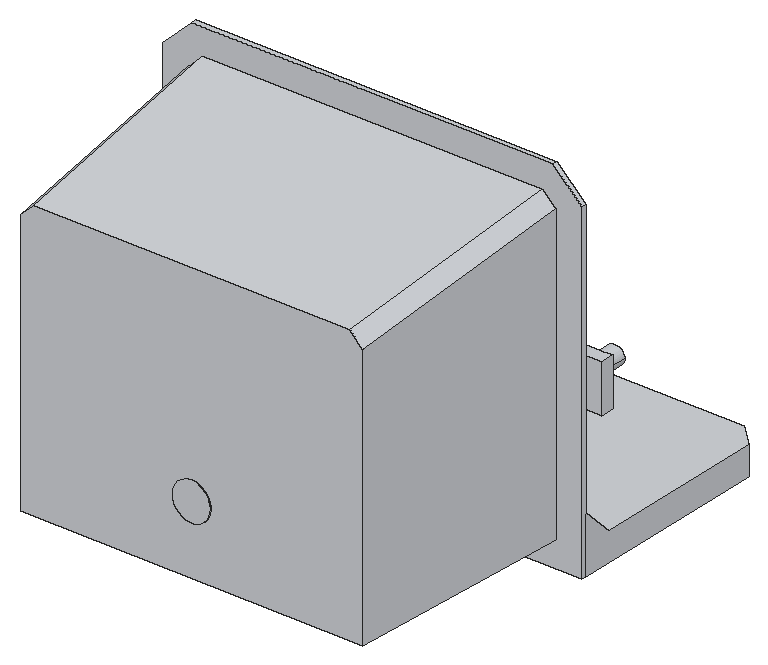
Revit family "30651e3e441a4e838bdfaf5274c5f741", category Plumbing Fixtures, host Face, Revit 2021
Family settings
  Host = Face
  Round Connector Dimension = Use Radius
  Part Type = Normal
  OmniClass Number = 23.45.05.14.14.27
  OmniClass Title = Service Sinks
  Seek Item ID = Sink - Service-0000-USA-ENU
  Cut with Voids When Loaded = No
  Shared = No
  Room Calculation Point = No
Parameters (values of type "22"x19" - Public")
  WFU = 2
  Sink Width = 1' - 7"
  Sink Material = none
  Sink Length = 1' - 10"
  Sink Depth = 1' - 0"
  Sanitary Radius = 3/4"
  Sanitary Diameter = 2 * Sanitary Radius  # 1 1/2"
  Hot Water Radius = 1/4"
  Hot Water Diameter = 2 * Hot Water Radius  # 1/2"
  Half Sink Length = 1 / 2 * Sink Length  # 0' - 11"
  HWFU = 2.25
  Flow Pressure [instance] = 8.00 psi
  Faucet Material = none
  Faucet Height = 0' - 8 7/8"
  Default Elevation = 2' - 10"
  Cold Water Radius = 1/4"
  Cold Water Diameter = 2 * Cold Water Radius  # 1/2"
  CWFU = 2.25
Types (3): name | Sink Width | Sink Length | Sink Depth | Half Sink Length | Faucet Height
  (no name) | 1' - 7" | 1' - 10" | 1' - 0" | 0' - 11" | 0' - 8 7/8"
  22"x19" - Public | 1' - 7" | 1' - 10" | 1' - 0" | 0' - 11" | 0' - 8 7/8"
  30"x24" - Public | 2' - 0" | 2' - 6" | 1' - 4" | 1' - 3" | 0' - 10"
Reference planes (in)
  plane 1 "Center (Front/Back)": y = 0
  plane 2: z = 0
  plane 3 "Center (Left/Right)": x = 0
  plane 4: x = -11
  plane 5: x = 11
  plane 6: z = 19
  plane 7: z = 1.5
  plane 8: x = 9.5
  plane 9: z = 17.5
  plane 10: x = -9.5
  plane 11: y = -0.25
  plane 12: y = -12
  plane 13: y = -12.125
  plane 14: x = -9.625
  plane 15: z = 17.625
  plane 16: x = 9.625
  plane 17: z = 1.375
  plane 18: x = -9
  plane 19: z = 16
  plane 20: x = 9
  plane 21: z = 15.3125
  plane 22: x = -8.3125
  plane 23: x = 8.3125
  plane 24: z = 15.3125
  plane 25: x = -8.875
  plane 26: z = 15.875
  plane 27: x = 8.875
  plane 28: z = 5
  plane 29: y = 11.8125
  plane 30: x = -9.875
  plane 31: y = 10.6875
  plane 32: x = 9.875
  plane 33: z = 3
  plane 34: y = 1.5
  plane 35: y = 8.875
  plane 36: y = 9.625
  plane 37: y = 10.375
  plane 38: x = -4.75
  plane 39: x = 4.75
  plane 40: x = -3.75
  plane 41: x = 3.75
  plane 42: z = 4
  plane 43: z = 8
  plane 44: x = -0.5
  plane 45: x = 0.5
  plane 46: z = 3.5
  plane 47: x = -4.25
  plane 48: x = 4.25
  plane 49: z = 7.5
Forms (in)
  Extrusion 1, solid, material <- "Sink Material"
    sketch origin (0, 0, 0) x (1, 0, 0) y (0, 0, 1)
      loop
        line (-9.5, 19) -> (-11, 17.5) -> (-11, 0) -> (11, 0) -> (11, 17.5) -> (9.5, 19) -> (-9.5, 19)
      loop
        line (-8.87868, 17.5) -> (-9.5, 16.87868) -> (-9.5, 1.5) -> (9.5, 1.5) -> (9.5, 16.87868) -> (8.87868, 17.5) -> (-8.87868, 17.5)
    from 0 to 0.25
  Blend 2, solid, material <- "Sink Material"
    base sketch origin (0, 0, 0) x (1, 0, 0) y (0, 0, 1)
      loop
        line (-8.3125, 16) -> (-9, 15.3125) -> (-9, 1.375) -> (9, 1.375) -> (9, 15.3125) -> (8.3125, 16) -> (-8.3125, 16)
    top sketch origin (0, 0, 0) x (1, 0, 0) y (0, 0, 1)
      loop
        line (-8.93046, 17.625) -> (-9.625, 16.93046) -> (-9.625, 1.375) -> (9.625, 1.375) -> (9.625, 16.93046) -> (8.93046, 17.625) -> (-8.93046, 17.625)
    from 12.125 to 0.25
  Blend 3, void
    base sketch origin (0, 0, 0) x (1, 0, 0) y (0, 0, 1)
      loop
        line (-8.3125, 15.875) -> (-8.875, 15.3125) -> (-8.875, 1.5) -> (8.875, 1.5) -> (8.875, 15.3125) -> (8.3125, 15.875) -> (-8.3125, 15.875)
    top sketch origin (0, 0, 0) x (1, 0, 0) y (0, 0, 1)
      loop
        line (-8.87868, 17.5) -> (-9.5, 16.87868) -> (-9.5, 1.5) -> (9.5, 1.5) -> (9.5, 16.87868) -> (8.87868, 17.5) -> (-8.87868, 17.5)
    from 12 to 0.25
  Extrusion 4, solid, material <- "Sink Material"
    sketch origin (0, 0, 0) x (1, 0, 0) y (0, 0, 1)
      loop
        circle (0, 5) r 1
    from 12 to 12.125
  Extrusion 5, solid, material <- "Sink Material"
    sketch origin (0, 0, 0) x (1, 0, 0) y (0, 1, 0)
      loop
        line (-9.875, 11.8125) -> (-11, 10.6875) -> (-11, 0) -> (11, 0) -> (11, 10.6875) -> (9.875, 11.8125) -> (-9.875, 11.8125)
    from 0 to 1.5
  Extrusion 6, solid, material <- "Sink Material"
    sketch origin (0, 0, 0) x (0, 1, 0) y (0, 0, 1)
      loop
        line (0, 3) -> (0, 1.5) -> (1.5, 1.5) -> (0, 3)
    from 9.5 to 11
  Extrusion 7, solid, material <- "Sink Material"
    sketch origin (0, 0, 0) x (0, 1, 0) y (0, 0, 1)
      loop
        line (0, 3) -> (0, 1.5) -> (1.5, 1.5) -> (0, 3)
    from -11 to -9.5
  Extrusion 8, solid, material <- "Faucet Material", detail levels fine
    sketch origin (0, 0, 0) x (1, 0, 0) y (0, 0, 1)
      loop
        line (-4.75, 4) -> (-4.75, 1.5) -> (-3.75, 1.5) -> (-3.75, 3) -> (3.75, 3) -> (3.75, 1.5) -> (4.75, 1.5) -> (4.75, 4) -> (-4.75, 4)
    from -9.625 to -8.875
  Extrusion 9, solid, material <- "Faucet Material", detail levels fine
    sketch origin (0, 0, 0) x (1, 0, 0) y (0, 0, 1)
      loop
        line (-0.5, 8) -> (-0.5, 3) -> (0.5, 3) -> (0.5, 8) -> (-0.5, 8)
    from -10.375 to -9.625
  Extrusion 10, solid, material <- "Faucet Material", detail levels fine
    sketch origin (0, 0, 0) x (1, 0, 0) y (0, 0, 1)
      loop
        circle (-4.25, 3.5) r 0.5
    from -10.375 to -9.625
  Extrusion 11, solid, material <- "Faucet Material", detail levels fine
    sketch origin (0, 0, 0) x (1, 0, 0) y (0, 0, 1)
      loop
        circle (4.25, 3.5) r 0.5
    from -10.375 to -9.625
  Extrusion 12, solid, material <- "Faucet Material", detail levels fine
    sketch origin (0, 0, 0) x (1, 0, 0) y (0, 0, 1)
      loop
        circle (0, 7.5) r 0.5
    from -9.625 to -8.875
  Extrusion 13, solid, material <- "Sink Material"
    sketch origin (0, 0, 0) x (1, 0, 0) y (0, 1, 0)
      loop
        circle (-4.25, 8.875) r 0.5
      loop
        circle (4.25, 8.875) r 0.5
    from 0 to 1.5
Cuts and joins
  Blend 3 cuts Blend 2
  joined: Extrusion 1, Blend 2
  joined: Extrusion 8, Extrusion 9, Extrusion 10, Extrusion 11, Extrusion 12
  joined: Extrusion 5, Extrusion 6, Extrusion 7, Extrusion 13
Lines and regions (in)
  reference lines
    curve 1: line (-11, 0, 17.5) -> (-6.22703, 0, 22.27297)
    curve 2: line (-5.16637, 0, 21.21231) -> (-13.12132, 0, 13.25736)
    curve 3: line (11, 0, 17.5) -> (5.51992, 0, 22.98008)
    curve 4: line (12.25781, 0, 14.12087) -> (3.2422, 0, 23.13648)
    curve 5: line (-6.91146, 0, 19.644) -> (-10.44699, 0, 16.10846)
    curve 6: line (11.6782, 0, 14.87725) -> (5.84457, 0, 20.71088)
Dimensions and locks (in)
  "Sink Width": plane 6 to plane 2
  locked: plane 7 to plane 2 at 1.5
  locked: plane 5 to plane 8 at 1.5
  locked: plane 10 to plane 4 at 1.5
  locked: plane 6 to plane 9 at 1.5
  locked: plane 1 "Center (Front/Back)" to plane 11 at 0.25
  "Sink Depth": plane 12 to plane 1 "Center (Front/Back)"
  locked: plane 12 to plane 13 at 0.125
  equal spacing: plane 5, plane 3 "Center (Left/Right)", plane 4
  "Half Sink Length": plane 3 "Center (Left/Right)" to plane 4
  locked: curve 2 to curve 1 at 1.5
  curve 3 to curve 4 = 0' - 1 1/2"
  locked: plane 15 to plane 9 at 0.125
  locked: plane 16 to plane 8 at 0.125
  locked: plane 10 to plane 14 at 0.125
  locked: plane 7 to plane 17 at 0.125
  locked: curve 5 to curve 2 at 0.125
  locked: curve 6 to curve 4 at 0.125
  locked: plane 18 to plane 4 at 2
  locked: plane 20 to plane 5 at 2
  locked: plane 6 to plane 19 at 3
  locked: plane 19 to plane 21 at 0.6875
  locked: plane 22 to plane 18 at 0.6875
  locked: plane 20 to plane 23 at 0.6875
  locked: plane 19 to plane 24 at 0.6875
  locked: plane 25 to plane 18 at 0.125
  locked: plane 27 to plane 20 at 0.125
  locked: plane 19 to plane 26 at 0.125
  locked: plane 28 to plane 2 at 5
  locked: plane 4 to plane 30 at 1.125
  locked: plane 29 to plane 31 at 1.125
  locked: plane 32 to plane 5 at 1.125
  locked: plane 34 to plane 1 "Center (Front/Back)" at 1.5
  locked: plane 33 to plane 7 at 1.5
  "Faucet Height": plane 35 to plane 1 "Center (Front/Back)"
  locked: plane 29 to plane 35 at 2.9375
  plane 37 to plane 36 to plane 35 = 0' - 0 3/4" locked, 0' - 0 3/4" locked
  plane 39 to plane 3 "Center (Left/Right)" to plane 38 = 0' - 4 3/4" locked, 0' - 4 3/4" locked
  locked: plane 40 to plane 38 at 1
  locked: plane 39 to plane 41 at 1
  locked: plane 42 to plane 33 at 1
  locked: plane 43 to plane 42 at 4
  plane 45 to plane 3 "Center (Left/Right)" to plane 44 = 0' - 0 1/2" locked, 0' - 0 1/2" locked
  equal spacing: plane 42, plane 46, plane 33
  equal spacing: plane 40, plane 47, plane 38
  equal spacing: plane 39, plane 48, plane 41
  locked: plane 43 to plane 49 at 0.5
  radius of Extrusion 4 sketch curve = 0' - 1"
  radius of Extrusion 10 sketch curve = 0' - 0 1/2"
  radius of Extrusion 11 sketch curve = 0' - 0 1/2"
  radius of Extrusion 12 sketch curve = 0' - 0 1/2"
  locked: curve 1 to plane 4 (angle 45.00°)
  locked: plane 5 to curve 3 (angle 45.00°)
  aligned and locked: plane 2 to host face
  aligned and locked: level to host face
  aligned and locked: Extrusion 1 sketch curve to plane 6
  aligned and locked: plane 2 to Extrusion 1 sketch curve
  aligned and locked: Extrusion 1 sketch curve to plane 5
  aligned and locked: plane 9 to Extrusion 1 sketch curve  (x2)
  aligned and locked: plane 10 to Extrusion 1 sketch curve
  aligned and locked: plane 8 to Extrusion 1 sketch curve
  aligned and locked: Extrusion 1 sketch curve to plane 9
  aligned and locked: plane 7 to Extrusion 1 sketch curve
  aligned and locked: Extrusion 1 sketch curve to plane 8
  aligned and locked: Extrusion 1 to plane 1 "Center (Front/Back)"
  aligned and locked: Extrusion 1 to plane 11
  aligned and locked: plane 9 to curve 1
  aligned and locked: plane 4 to curve 1
  aligned and locked: curve 2 to Extrusion 1 sketch curve  (x2)
  aligned and locked: plane 5 to curve 3
  aligned and locked: plane 9 to curve 3
  aligned and locked: curve 4 to Extrusion 1 sketch curve  (x2)
  aligned and locked: plane 19 to Blend 2 sketch curve
  aligned and locked: plane 17 to Blend 2 sketch curve  (x2)
  aligned and locked: plane 20 to Blend 2 sketch curve
  aligned and locked: Blend 2 sketch curve to plane 15
  aligned and locked: Blend 2 sketch curve to plane 16
  aligned and locked: Blend 2 to plane 13
  aligned and locked: plane 11 to Blend 2
  aligned and locked: curve 5 to Blend 2 sketch curve  (x2)
  aligned and locked: curve 6 to Blend 2 sketch curve  (x2)
  aligned and locked: plane 22 to Blend 2 sketch curve
  aligned and locked: plane 21 to Blend 2 sketch curve
  aligned and locked: plane 23 to Blend 2 sketch curve
  aligned and locked: plane 24 to Blend 2 sketch curve
  aligned and locked: plane 26 to Blend 3 sketch curve
  aligned and locked: plane 7 to Blend 3 sketch curve
  aligned and locked: plane 27 to Blend 3 sketch curve
  aligned and locked: plane 21 to Blend 3 sketch curve
  aligned and locked: plane 22 to Blend 3 sketch curve
  aligned and locked: plane 23 to Blend 3 sketch curve
  aligned and locked: plane 24 to Blend 3 sketch curve
  aligned and locked: Blend 3 sketch curve to plane 9
  aligned and locked: Blend 3 sketch curve to Extrusion 1  (x3)
  aligned and locked: curve 2 to Blend 3 sketch curve
  aligned and locked: curve 4 to Blend 3 sketch curve  (x2)
  aligned and locked: Blend 3 to plane 12
  aligned and locked: plane 11 to Blend 3
  aligned and locked: plane 28 to Extrusion 4 sketch curve
  aligned and locked: plane 3 "Center (Left/Right)" to Extrusion 4 sketch curve
  aligned and locked: Extrusion 4 to plane 13
  aligned and locked: plane 12 to Extrusion 4
  aligned and locked: Extrusion 5 sketch curve to plane 29
  aligned and locked: Extrusion 5 sketch curve to Extrusion 1  (x2)
  aligned and locked: plane 31 to Extrusion 5 sketch curve  (x2)
  aligned and locked: plane 30 to Extrusion 5 sketch curve
  aligned and locked: plane 32 to Extrusion 5 sketch curve
  aligned and locked: Extrusion 1 to plane 2
  aligned and locked: plane 7 to Extrusion 5
  aligned and locked: plane 1 "Center (Front/Back)" to Extrusion 6 sketch curve
  aligned and locked: plane 33 to Extrusion 6 sketch curve
  aligned and locked: Extrusion 6 sketch curve to plane 7
  aligned and locked: plane 34 to Extrusion 6 sketch curve
  aligned and locked: plane 5 to Extrusion 6
  aligned and locked: Extrusion 6 to plane 8
  aligned and locked: Extrusion 7 sketch curve to plane 1 "Center (Front/Back)"
  aligned and locked: plane 7 to Extrusion 7 sketch curve
  aligned and locked: plane 33 to Extrusion 7 sketch curve
  aligned and locked: plane 34 to Extrusion 7 sketch curve
  aligned and locked: Extrusion 7 to plane 4
  aligned and locked: plane 10 to Extrusion 7
  aligned and locked: plane 38 to Extrusion 8 sketch curve
  aligned and locked: Extrusion 8 sketch curve to plane 42
  aligned and locked: Extrusion 8 sketch curve to plane 39
  aligned and locked: Extrusion 8 sketch curve to plane 33
  aligned and locked: Extrusion 8 sketch curve to plane 41
  aligned and locked: plane 40 to Extrusion 8 sketch curve
  aligned and locked: plane 36 to Extrusion 8
  aligned and locked: Extrusion 8 to plane 35
  aligned and locked: plane 7 to Extrusion 8 sketch curve
  aligned and locked: Extrusion 8 sketch curve to plane 7
  aligned and locked: plane 44 to Extrusion 9 sketch curve
  aligned and locked: Extrusion 9 sketch curve to plane 43
  aligned and locked: plane 33 to Extrusion 9 sketch curve
  aligned and locked: Extrusion 9 sketch curve to plane 45
  aligned and locked: plane 37 to Extrusion 9
  aligned and locked: Extrusion 9 to plane 36
  aligned and locked: plane 46 to Extrusion 10 sketch curve
  aligned and locked: plane 47 to Extrusion 10 sketch curve
  aligned and locked: plane 46 to Extrusion 11 sketch curve
  aligned and locked: plane 48 to Extrusion 11 sketch curve
  aligned and locked: plane 37 to Extrusion 10
  aligned and locked: Extrusion 10 to plane 36
  aligned and locked: Extrusion 11 to plane 37
  aligned and locked: Extrusion 11 to plane 36
  aligned and locked: plane 49 to Extrusion 12 sketch curve
  aligned and locked: plane 3 "Center (Left/Right)" to Extrusion 12 sketch curve
  aligned and locked: plane 36 to Extrusion 12
  aligned and locked: Extrusion 12 to plane 35
  aligned and locked: plane 35 to Extrusion 13 sketch curve  (x2)
  aligned and locked: plane 47 to Extrusion 13 sketch curve
  aligned and locked: plane 48 to Extrusion 13 sketch curve
  aligned and locked: Extrusion 13 to plane 2
  aligned and locked: plane 7 to Extrusion 13
Automatic sketch dimensions
  Extrusion 1 sketch curve to plane 4 = 0' - 0"
  Extrusion 1 sketch curve to plane 10 = 0' - 0"
  plane 4 to curve 5 = 0' - 0.55301"
  plane 6 to curve 5 = 0' - 0.644"
  plane 6 to curve 2 = 0' - 2.21231"
  curve 4 to curve 3 = 0' - 2.27772"
  plane 6 to curve 6 = 0' - 1.71088"
  plane 5 to curve 6 = 0' - 0.6782"
  curve 6 to curve 4 = 0' - 0.5796"
  Blend 2 sketch curve to plane 14 = 0' - 0"
  curve 2 to plane 4 = 0' - 2.12132"
  Blend 2 sketch curve to plane 18 = 0' - 0"
  Blend 3 sketch curve to plane 25 = 0' - 0"
  Blend 3 sketch curve to plane 10 = 0' - 0"
  Extrusion 5 sketch curve to plane 4 = 0' - 0"
  host sketch curve to host sketch curve = 8' - 0"  (x2)
  radius of Extrusion 13 sketch curve = 0' - 0 1/2"  (x2)
Connectors (in)
  piping at (4.25, 8.875, 0), diameter 0.5, driven by "CWFU", driven by "Flow Pressure", driven by "Cold Water Radius"
    settings: on Extrusion 13, index 1, connector inside diameter 1/2", connector length 0' - 0", flow factor 0, pipe flow 0 GPM, pressure drop 8.00 psi, fitting loss kfactor 0, connector angle 0.00°, fixture units 2.25, engagement length 0' - 0", angle of deflection 0.00°, flow configuration 3, flow direction 1, fitting loss method 4, system type 20, joint type 0, gender type 0, connector reference index -1, connector utility 0, adjustable connector no, is connector primary yes, connector description "In"
  piping at (-4.25, 8.875, 0), diameter 0.5, driven by "HWFU", driven by "Flow Pressure", driven by "Hot Water Radius"
    settings: on Extrusion 13, index 2, connector inside diameter 1/2", connector length 0' - 0", flow factor 0, pipe flow 0 GPM, pressure drop 8.00 psi, fitting loss kfactor 0, connector angle 0.00°, fixture units 2.25, engagement length 0' - 0", angle of deflection 0.00°, flow configuration 3, flow direction 1, fitting loss method 4, system type 19, joint type 0, gender type 0, connector reference index -1, connector utility 0, adjustable connector no, is connector primary no, connector description "In"
  piping at (0, -12.125, 5), diameter 1.5, driven by "WFU", driven by "Sanitary Radius"
    settings: on Extrusion 4, index 3, connector inside diameter 1 1/2", connector length 0' - 0", flow factor 0, pipe flow 0 GPM, pressure drop 0.00 psi, fitting loss kfactor 0, connector angle 0.00°, fixture units 2, engagement length 0' - 0", angle of deflection 0.00°, flow configuration 3, flow direction 2, fitting loss method 0, system type 16, joint type 0, gender type 0, connector reference index -1, connector utility 0, adjustable connector no, is connector primary no, connector description "Out"
